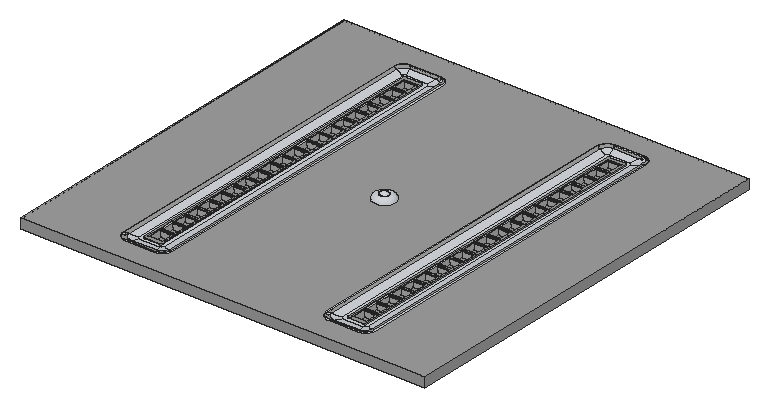
Revit family "0044003 Sylvania Lighting Fixture OptiClip 600 4000K C8 WH SSA WHITE", category Lighting Fixtures, host Face, Revit 2016
Family settings
  Host = Face
  Part Type = Normal
  Round Connector Dimension = Use Diameter
  OmniClass Number = 23.80.70.00
  OmniClass Title = Lighting
  Cut with Voids When Loaded = No
  Light Source = Yes
  Shared = No
  Room Calculation Point = No
Parameters (values of type "0044003 OPTICLIP 600 4K C8 WH SSA WHITE")
  spacer height = 5 mm
  spacer centres = 1000 mm
  height = 14.63 mm
  cut out width = 590 mm
  cut out length = 590 mm
  Width = 595 mm
  Weight = "n/a"
  Wattage Comments = ""
  Wattage = 9.2903 W
  WarrantyStartDate [instance] = "n/a"
  WarrantyGuarantorParts = "n/a"
  WarrantyDurationUnit = "n/a"
  WarrantyDurationParts = ""
  WarrantyDescription = "http://www.sylvania-lighting.com"
  built-in parameter 1150110 = 1 (stored number, unit not read)
  Voltage = 0 V
  URL = "0.95"
  TypeName = "OptiClip 600 4000K C8 WH SSA WHITE"
  Type Image = <None>
  Type Comments = "n/a"
  built-in parameter 1114217 = 1 (stored number, unit not read)
  Tilt Angle = 90.00°
  built-in parameter 1150109 = 1 (stored number, unit not read)
  built-in parameter 1150134 = 3
  built-in parameter 1150113 = 1 (stored number, unit not read)
  SerialNumber [instance] = "n/a"
  Photometric Web File = "0044003.ies"
  Material_3_FEILO = none
  PowerFactor = 0
  PowerConsumption = "Lighting"
  NominalLength = 595 mm
  NominalHeight = 0 mm
  NominalDepth = 0 mm
  Name = "OptiClip 600 4000K C8 WH SSA WHITE"
  ModelReference = Name  # "OptiClip 600 4000K C8 WH SSA WHITE"
  ModelNumber = "0044003"
  Model = Name  # "OptiClip 600 4000K C8 WH SSA WHITE"
  Material = "Feilo Sylvania"
  ManufacturerName = "122 lm/W"
  Manufacturer = ""
  LuminousEfficacy = ""
  built-in parameter 1150105 = 109.82 (stored number, unit not read)
  Lumens = 1380 lm
  LuminaireType = "0"
  built-in parameter 1150115 = 1 (stored number, unit not read)
  LightOutputRatio = "LED"
  built-in parameter 1150137 = (empty or 0)
  built-in parameter 1150139 = (empty or 0)
  Length = 595 mm
  LampsType = Lamp  # "n/a"
  LampNominalLuminous = "4000 K"
  LampMacAdamStep = "80"
  LampColourTemperature = "LED"
  LampColourRenderingIndex = "16500"
  built-in parameter 1150112 = 1 (stored number, unit not read)
  built-in parameter 1150114 = 1 (stored number, unit not read)
  Lamp = "n/a"
  Keynote = "n/a"
  InstallationDate [instance] = "n/a"
  InputVoltage = "0"
  InputNominalFrequency = "4000"
  built-in parameter 1150132 = (empty or 0)
  built-in parameter 1150102 = (empty or 0)
  built-in parameter 1150107 = 3200 (stored number, unit not read)
  built-in parameter 1150138 = (empty or 0)
  IngressProtection = "IfcLightFixtureType"
  ImpactProtectionIndex = "IfcLightFixtureType"
  built-in parameter 1150106 = 1.0982 (stored number, unit not read)
  IfcExportType = "IfcLightFixtureType"
  IfcExportAs = "Class II"
  Height = 50 mm
  ExpectedLife = 50000
  Emit from Circle Diameter = 609.6 mm
  Emit Shape Visible in Rendering = no
  ElectricShockClassification = "122"
  built-in parameter 1150104 = 13.8 (stored number, unit not read)
  DurationUnit = "hours"
  DocumentationLiterature = "http://www.sylvania-lighting.com/product/en-int/products/0044003"
  DimmingControlOptions = "n/a"
  Material_2_FEILO = none
  Dimming Lamp Color Temperature Shift = <None>
  Description = "OPTICLIP 600 4000K C8 WH SSA WHITE is a high efficacy low glare luminaire with replaceable light engines for office and education appalications. Ceiling recessed LED luminaire with white colour plastic optic, direct light distribution, luminaire dimensions: 595x595x52mm, Sylvania White body colour (RAL9016), IP20, IK07, SylSmart Connected Building capable, low LED flicker (+/-5%), Neutral White (4000K) LED Colour Temperature, 3300lm luminous flux, 27W power consumption, 122lm/W system efficacy, CRI>80, SDCM 3 (3-step MacAdam ellipse) LED Colour Consistency, UGR<17, Luminance at 65° < 2000 cd/m2, lumen maintenance: L80B50 at 60000h, photobiological safety risk group 1. Electrical protection Class II. Glow wire test 850°C."
  Default Elevation = 1219.2 mm
  CreatedOn = "24/09/2020"
  CreatedBy = "@sylvania-lighting.com"
  Cost = 0
  Color Filter = 16777215
  built-in parameter 1114216 [instance] = (empty or 0)
  ClassificationValue = "EF_70_80"
  ClassificationName = "Uniclass2015"
  Material_1_FEILO = none
  BarCode [instance] = "n/a"
  built-in parameter 1114218 = 1 (stored number, unit not read)
  built-in parameter 1150133 = 10 (stored number, unit not read)
  AssetType = "Fixed"
  AssetIdentifier [instance] = "n/a"
  Assembly Code = "D5020200"
  Apparent Load = 27 VA
  Material_4_FEILO = none
Reference planes
  plane 1 "Center (Front/Back)": y = 0
  plane 2: z = 0
  plane 3 "Center (Left/Right)": x = 0
  plane 4: z = 0
  plane 5: y = 297.5
  plane 6: y = -297.5
  plane 7: x = -297.5
  plane 8: x = 297.5
  plane 9: x = -295
  plane 10: x = 295
  plane 11: y = 295
  plane 12: y = -295
  plane 13: z = -14.63
  plane 14: y = 296.5
  plane 15: x = -296.5
  plane 16: x = 296.5
  plane 17: y = -296.5
  plane 18: x = -185
  plane 19: x = -113
  plane 20: y = -246.5
  plane 21: x = -184
  plane 22: y = 262
  plane 23: x = -114
  plane 24: y = -262
  plane 25: y = 245.5
  plane 26: y = -245.345
  plane 27: x = -160
  plane 28: x = -138
  plane 29: y = 236.5
  plane 30: y = -236.345
  plane 31: y = 213.35
  plane 32: y = 212.35
  plane 33: y = 190.95
  plane 34: y = 189.95
  plane 35: y = 168.595
  plane 36: y = 167.595
  plane 37: y = 146.15
  plane 38: y = 145.15
  plane 39: y = 123.75
  plane 40: y = 122.75
  plane 41: y = 101.35
  plane 42: y = 100.35
  plane 43: y = 78.95
  plane 44: y = 77.95
  plane 45: y = 56.576
  plane 46: y = 55.576
  plane 47: y = 34.15
  plane 48: y = 33.15
  plane 49: y = 11.75
  plane 50: y = 10.75
  plane 51: y = -10.65
  plane 52: y = -11.65
  plane 53: y = -33.05
  plane 54: y = -34.05
  plane 55: y = -55.45
  plane 56: y = -56.45
  plane 57: y = -77.805
  plane 58: y = -78.805
  plane 59: y = -100.25
  plane 60: y = -101.25
  plane 61: y = -122.65
  plane 62: y = -123.65
  plane 63: y = -145.05
  plane 64: y = -146.05
  plane 65: y = -167.45
  plane 66: y = -168.416
  plane 67: y = -189.816
  plane 68: y = -190.816
  plane 69: y = -212.216
  plane 70: y = -213.216
  plane 71: y = -234.616
  plane 72: x = -159.5
  plane 73: x = -138.539
  plane 74: y = 230.05
  plane 75: y = 218.05
  plane 76: x = -143.039
  plane 77: x = -155
  plane 78: x = -162.5
  plane 79: x = -135.5
  plane 80: y = 240.5
  plane 81: y = -240.345
  plane 82: y = 238
  plane 83: z = 6
  plane 84: x = 8
  plane 85: x = 16
  plane 86: z = 8.5
  plane 87: x = 5
  plane 88: x = 13.5
  plane 89: z = -19.13
  plane 90: x = 8
  plane 91: z = -48.13
Forms (mm)
  Extrusion 1, void, detail levels medium+fine
    sketch origin (4.2, 0, 0) x (0, 1, 0) y (1, 0, 0)
      loop
        line (295, -299.2) -> (295, 290.8) -> (-295, 290.8) -> (-295, -299.2) -> (295, -299.2)
    from 0 to 10
  Extrusion 2, solid, material "Default", detail levels medium+fine
    sketch origin (4.2, 0, 0) x (1, 0, 0) y (0, 1, 0)
      loop
        line (-301.7, 297.5) -> (-301.7, -297.5) -> (293.3, -297.5) -> (293.3, 297.5) -> (-301.7, 297.5)
    from 0 to -14.63
  Extrusion 3, void, detail levels medium+fine
    sketch origin (4.2, 0, 0) x (0, 1, 0) y (1, 0, 0)
      loop
        line (296.5, -300.7) -> (296.5, 292.3) -> (-296.5, 292.3) -> (-296.5, -300.7) -> (296.5, -300.7)
    from 1.008 to 14.63
  Blend 4, solid, detail levels medium+fine
    base sketch origin (4.2, 0, 0) x (1, 0, 0) y (0, 1, 0)
      loop
        line (-189.2, 248) -> (-189.2, -248)
        arc (-189.2, -248) -> (-184.807, -258.607) -> (-174.2, -263) r 15
        line (-174.2, -263) -> (-132.2, -263)
        arc (-132.2, -263) -> (-121.593, -258.607) -> (-117.2, -248) r 15
        line (-117.2, -248) -> (-117.2, 248)
        arc (-117.2, 248) -> (-121.593, 258.607) -> (-132.2, 263) r 15
        line (-132.2, 263) -> (-174.2, 263)
        arc (-174.2, 263) -> (-184.807, 258.607) -> (-189.2, 248) r 15
    top sketch origin (4.2, 0, 0) x (1, 0, 0) y (0, 1, 0)
      loop
        line (-172.7, 242.5) -> (-172.7, -242.5)
        arc (-172.7, -242.5) -> (-171.517, -245.34) -> (-168.667, -246.5) r 4
        line (-168.667, -246.5) -> (-137.633, -246.5)
        arc (-137.633, -246.5) -> (-134.828, -245.324) -> (-133.7, -242.5) r 3.934
        line (-133.7, -242.5) -> (-133.7, 242.5)
        arc (-133.7, 242.5) -> (-134.982, 245.439) -> (-138.008, 246.5) r 4.011
        line (-138.008, 246.5) -> (-168.7, 246.5)
        arc (-168.7, 246.5) -> (-171.528, 245.328) -> (-172.7, 242.5) r 4
    from 0 to -4
  Blend 5, void
    base sketch origin (4.2, 0, 0) x (0, 1, 0) y (-1, 0, 0)
      loop
        line (248, 188.2) -> (-248, 188.2)
        arc (-248, 188.2) -> (-257.899, 184.099) -> (-262, 174.2) r 14
        line (-262, 174.2) -> (-262, 132.2)
        arc (-262, 132.2) -> (-257.899, 122.301) -> (-248, 118.2) r 14
        line (-248, 118.2) -> (248, 118.2)
        arc (248, 118.2) -> (257.899, 122.301) -> (262, 132.2) r 14
        line (262, 132.2) -> (262, 174.2)
        arc (262, 174.2) -> (257.899, 184.099) -> (248, 188.2) r 14
    top sketch origin (4.2, 0, 0) x (0, 1, 0) y (-1, 0, 0)
      loop
        line (242.5, 171.7) -> (-242.5, 171.7)
        arc (-242.5, 171.7) -> (-244.579, 170.8) -> (-245.345, 168.667) r 2.851
        line (-245.345, 168.667) -> (-245.345, 137.633)
        arc (-245.345, 137.633) -> (-244.517, 135.59) -> (-242.5, 134.7) r 2.934
        line (-242.5, 134.7) -> (242.5, 134.7)
        arc (242.5, 134.7) -> (244.733, 135.69) -> (245.5, 138.008) r 3.014
        line (245.5, 138.008) -> (245.5, 168.7)
        arc (245.5, 168.7) -> (244.621, 170.821) -> (242.5, 171.7) r 3
    from 0 to -3.5
  Extrusion 6, solid, material "Aluminum 1100-H18", detail levels medium+fine
    sketch origin (4.2, 0, 0) x (1, 0, 0) y (0, 1, 0)
      loop
        line (-164.2, 236.5) -> (-164.2, -236.345) -> (-142.2, -236.345) -> (-142.2, 236.5) -> (-164.2, 236.5)
    from -4 to -14.63
  Extrusion 7, solid, material "Aluminum 1100-H18", detail levels medium+fine
    sketch origin (4.2, 0, 0) x (1, 0, 0) y (0, 1, 0)
      loop
        line (-166.7, 238) -> (-166.7, -238.071)
        arc (-166.7, -238.071) -> (-165.953, -239.761) -> (-164.2, -240.345) r 2.284
        line (-164.2, -240.345) -> (-142.156, -240.345)
        arc (-142.156, -240.345) -> (-140.483, -239.689) -> (-139.7, -238.071) r 2.464
        line (-139.7, -238.071) -> (-139.7, 238)
        arc (-139.7, 238) -> (-140.432, 239.768) -> (-142.2, 240.5) r 2.5
        line (-142.2, 240.5) -> (-164.2, 240.5)
        arc (-164.2, 240.5) -> (-165.968, 239.768) -> (-166.7, 238) r 2.5
    from -3.5 to -2.5
  Blend 8, void
    base sketch origin (4.2, 0, 0) x (0, 1, 0) y (-1, 0, 0)
      loop
        line (234.75, 163.7) -> (213.35, 163.7) -> (213.35, 142.739) -> (234.75, 142.739) -> (234.75, 163.7)
    top sketch origin (4.2, 0, 0) x (0, 1, 0) y (-1, 0, 0)
      loop
        line (230.05, 159.2) -> (218.05, 159.2) -> (218.05, 147.239) -> (230.05, 147.239) -> (230.05, 159.2)
    from -2.5 to -11
  Blend 9, void
    base sketch origin (4.2, -22.4, 0) x (0, 1, 0) y (-1, 0, 0)
      loop
        line (234.75, 163.7) -> (213.35, 163.7) -> (213.35, 142.739) -> (234.75, 142.739) -> (234.75, 163.7)
    top sketch origin (4.2, -22.4, 0) x (0, 1, 0) y (-1, 0, 0)
      loop
        line (230.05, 159.2) -> (218.05, 159.2) -> (218.05, 147.239) -> (230.05, 147.239) -> (230.05, 159.2)
    from -2.5 to -11
  Blend 10, void
    base sketch origin (4.2, -44.8, 0) x (0, 1, 0) y (-1, 0, 0)
      loop
        line (234.75, 163.7) -> (213.35, 163.7) -> (213.35, 142.739) -> (234.75, 142.739) -> (234.75, 163.7)
    top sketch origin (4.2, -44.8, 0) x (0, 1, 0) y (-1, 0, 0)
      loop
        line (230.05, 159.2) -> (218.05, 159.2) -> (218.05, 147.239) -> (230.05, 147.239) -> (230.05, 159.2)
    from -2.5 to -11
  Blend 11, void
    base sketch origin (4.2, -67.155, 0) x (0, 1, 0) y (-1, 0, 0)
      loop
        line (234.75, 163.7) -> (213.35, 163.7) -> (213.35, 142.739) -> (234.75, 142.739) -> (234.75, 163.7)
    top sketch origin (4.2, -67.155, 0) x (0, 1, 0) y (-1, 0, 0)
      loop
        line (230.05, 159.2) -> (218.05, 159.2) -> (218.05, 147.239) -> (230.05, 147.239) -> (230.05, 159.2)
    from -2.5 to -11
  Blend 12, void
    base sketch origin (4.2, -89.6, 0) x (0, 1, 0) y (-1, 0, 0)
      loop
        line (234.75, 163.7) -> (213.35, 163.7) -> (213.35, 142.739) -> (234.75, 142.739) -> (234.75, 163.7)
    top sketch origin (4.2, -89.6, 0) x (0, 1, 0) y (-1, 0, 0)
      loop
        line (230.05, 159.2) -> (218.05, 159.2) -> (218.05, 147.239) -> (230.05, 147.239) -> (230.05, 159.2)
    from -2.5 to -11
  Blend 13, void
    base sketch origin (4.2, -112, 0) x (0, 1, 0) y (-1, 0, 0)
      loop
        line (234.75, 163.7) -> (213.35, 163.7) -> (213.35, 142.739) -> (234.75, 142.739) -> (234.75, 163.7)
    top sketch origin (4.2, -112, 0) x (0, 1, 0) y (-1, 0, 0)
      loop
        line (230.05, 159.2) -> (218.05, 159.2) -> (218.05, 147.239) -> (230.05, 147.239) -> (230.05, 159.2)
    from -2.5 to -11
  Blend 14, void
    base sketch origin (4.2, -134.4, 0) x (0, 1, 0) y (-1, 0, 0)
      loop
        line (234.75, 163.7) -> (213.35, 163.7) -> (213.35, 142.739) -> (234.75, 142.739) -> (234.75, 163.7)
    top sketch origin (4.2, -134.4, 0) x (0, 1, 0) y (-1, 0, 0)
      loop
        line (230.05, 159.2) -> (218.05, 159.2) -> (218.05, 147.239) -> (230.05, 147.239) -> (230.05, 159.2)
    from -2.5 to -11
  Blend 15, void
    base sketch origin (4.2, -156.8, 0) x (0, 1, 0) y (-1, 0, 0)
      loop
        line (234.75, 163.7) -> (213.35, 163.7) -> (213.35, 142.739) -> (234.75, 142.739) -> (234.75, 163.7)
    top sketch origin (4.2, -156.8, 0) x (0, 1, 0) y (-1, 0, 0)
      loop
        line (230.05, 159.2) -> (218.05, 159.2) -> (218.05, 147.239) -> (230.05, 147.239) -> (230.05, 159.2)
    from -2.5 to -11
  Blend 16, void
    base sketch origin (4.2, -179.174, 0) x (0, 1, 0) y (-1, 0, 0)
      loop
        line (234.75, 163.7) -> (213.35, 163.7) -> (213.35, 142.739) -> (234.75, 142.739) -> (234.75, 163.7)
    top sketch origin (4.2, -179.174, 0) x (0, 1, 0) y (-1, 0, 0)
      loop
        line (230.05, 159.2) -> (218.05, 159.2) -> (218.05, 147.239) -> (230.05, 147.239) -> (230.05, 159.2)
    from -2.5 to -11
  Blend 17, void
    base sketch origin (4.2, -201.6, 0) x (0, 1, 0) y (-1, 0, 0)
      loop
        line (234.75, 163.7) -> (213.35, 163.7) -> (213.35, 142.739) -> (234.75, 142.739) -> (234.75, 163.7)
    top sketch origin (4.2, -201.6, 0) x (0, 1, 0) y (-1, 0, 0)
      loop
        line (230.05, 159.2) -> (218.05, 159.2) -> (218.05, 147.239) -> (230.05, 147.239) -> (230.05, 159.2)
    from -2.5 to -11
  Blend 18, void
    base sketch origin (4.2, -224, 0) x (0, 1, 0) y (-1, 0, 0)
      loop
        line (234.75, 163.7) -> (213.35, 163.7) -> (213.35, 142.739) -> (234.75, 142.739) -> (234.75, 163.7)
    top sketch origin (4.2, -224, 0) x (0, 1, 0) y (-1, 0, 0)
      loop
        line (230.05, 159.2) -> (218.05, 159.2) -> (218.05, 147.239) -> (230.05, 147.239) -> (230.05, 159.2)
    from -2.5 to -11
  Blend 19, void
    base sketch origin (4.2, -246.4, 0) x (0, 1, 0) y (-1, 0, 0)
      loop
        line (234.75, 163.7) -> (213.35, 163.7) -> (213.35, 142.739) -> (234.75, 142.739) -> (234.75, 163.7)
    top sketch origin (4.2, -246.4, 0) x (0, 1, 0) y (-1, 0, 0)
      loop
        line (230.05, 159.2) -> (218.05, 159.2) -> (218.05, 147.239) -> (230.05, 147.239) -> (230.05, 159.2)
    from -2.5 to -11
  Blend 20, void
    base sketch origin (4.2, -268.8, 0) x (0, 1, 0) y (-1, 0, 0)
      loop
        line (234.75, 163.7) -> (213.35, 163.7) -> (213.35, 142.739) -> (234.75, 142.739) -> (234.75, 163.7)
    top sketch origin (4.2, -268.8, 0) x (0, 1, 0) y (-1, 0, 0)
      loop
        line (230.05, 159.2) -> (218.05, 159.2) -> (218.05, 147.239) -> (230.05, 147.239) -> (230.05, 159.2)
    from -2.5 to -11
  Blend 21, void
    base sketch origin (4.2, -291.2, 0) x (0, 1, 0) y (-1, 0, 0)
      loop
        line (234.75, 163.7) -> (213.35, 163.7) -> (213.35, 142.739) -> (234.75, 142.739) -> (234.75, 163.7)
    top sketch origin (4.2, -291.2, 0) x (0, 1, 0) y (-1, 0, 0)
      loop
        line (230.05, 159.2) -> (218.05, 159.2) -> (218.05, 147.239) -> (230.05, 147.239) -> (230.05, 159.2)
    from -2.5 to -11
  Blend 22, void
    base sketch origin (4.2, -313.555, 0) x (0, 1, 0) y (-1, 0, 0)
      loop
        line (234.75, 163.7) -> (213.35, 163.7) -> (213.35, 142.739) -> (234.75, 142.739) -> (234.75, 163.7)
    top sketch origin (4.2, -313.555, 0) x (0, 1, 0) y (-1, 0, 0)
      loop
        line (230.05, 159.2) -> (218.05, 159.2) -> (218.05, 147.239) -> (230.05, 147.239) -> (230.05, 159.2)
    from -2.5 to -11
  Blend 23, void
    base sketch origin (4.2, -336, 0) x (0, 1, 0) y (-1, 0, 0)
      loop
        line (234.75, 163.7) -> (213.35, 163.7) -> (213.35, 142.739) -> (234.75, 142.739) -> (234.75, 163.7)
    top sketch origin (4.2, -336, 0) x (0, 1, 0) y (-1, 0, 0)
      loop
        line (230.05, 159.2) -> (218.05, 159.2) -> (218.05, 147.239) -> (230.05, 147.239) -> (230.05, 159.2)
    from -2.5 to -11
  Blend 24, void
    base sketch origin (4.2, -358.4, 0) x (0, 1, 0) y (-1, 0, 0)
      loop
        line (234.75, 163.7) -> (213.35, 163.7) -> (213.35, 142.739) -> (234.75, 142.739) -> (234.75, 163.7)
    top sketch origin (4.2, -358.4, 0) x (0, 1, 0) y (-1, 0, 0)
      loop
        line (230.05, 159.2) -> (218.05, 159.2) -> (218.05, 147.239) -> (230.05, 147.239) -> (230.05, 159.2)
    from -2.5 to -11
  Blend 25, void
    base sketch origin (4.2, -380.8, 0) x (0, 1, 0) y (-1, 0, 0)
      loop
        line (234.75, 163.7) -> (213.35, 163.7) -> (213.35, 142.739) -> (234.75, 142.739) -> (234.75, 163.7)
    top sketch origin (4.2, -380.8, 0) x (0, 1, 0) y (-1, 0, 0)
      loop
        line (230.05, 159.2) -> (218.05, 159.2) -> (218.05, 147.239) -> (230.05, 147.239) -> (230.05, 159.2)
    from -2.5 to -11
  Extrusion 26, solid, material "Glass, White, High Luminance", detail levels fine
    sketch origin (4.2, 0, 0) x (1, 0, 0) y (0, 1, 0)
      loop
        line (-159.2, 230.05) -> (-159.2, 218.05) -> (-147.239, 218.05) -> (-147.239, 230.05) -> (-159.2, 230.05)
    from -11 to -10
  Extrusion 27, solid, material "Glass, White, High Luminance", detail levels fine
    sketch origin (4.2, -22.4, 0) x (1, 0, 0) y (0, 1, 0)
      loop
        line (-159.2, 230.05) -> (-159.2, 218.05) -> (-147.239, 218.05) -> (-147.239, 230.05) -> (-159.2, 230.05)
    from -11 to -10
  Extrusion 28, solid, material "Glass, White, High Luminance", detail levels fine
    sketch origin (4.2, -44.8, 0) x (1, 0, 0) y (0, 1, 0)
      loop
        line (-159.2, 230.05) -> (-159.2, 218.05) -> (-147.239, 218.05) -> (-147.239, 230.05) -> (-159.2, 230.05)
    from -11 to -10
  Extrusion 29, solid, material "Glass, White, High Luminance", detail levels fine
    sketch origin (4.2, -67.155, 0) x (1, 0, 0) y (0, 1, 0)
      loop
        line (-159.2, 230.05) -> (-159.2, 218.05) -> (-147.239, 218.05) -> (-147.239, 230.05) -> (-159.2, 230.05)
    from -11 to -10
  Extrusion 30, solid, material "Glass, White, High Luminance", detail levels fine
    sketch origin (4.2, -89.6, 0) x (1, 0, 0) y (0, 1, 0)
      loop
        line (-159.2, 230.05) -> (-159.2, 218.05) -> (-147.239, 218.05) -> (-147.239, 230.05) -> (-159.2, 230.05)
    from -11 to -10
  Extrusion 31, solid, material "Glass, White, High Luminance", detail levels fine
    sketch origin (4.2, -112, 0) x (1, 0, 0) y (0, 1, 0)
      loop
        line (-159.2, 230.05) -> (-159.2, 218.05) -> (-147.239, 218.05) -> (-147.239, 230.05) -> (-159.2, 230.05)
    from -11 to -10
  Extrusion 32, solid, material "Glass, White, High Luminance", detail levels fine
    sketch origin (4.2, -134.4, 0) x (1, 0, 0) y (0, 1, 0)
      loop
        line (-159.2, 230.05) -> (-159.2, 218.05) -> (-147.239, 218.05) -> (-147.239, 230.05) -> (-159.2, 230.05)
    from -11 to -10
  Extrusion 33, solid, material "Glass, White, High Luminance", detail levels fine
    sketch origin (4.2, -156.8, 0) x (1, 0, 0) y (0, 1, 0)
      loop
        line (-159.2, 230.05) -> (-159.2, 218.05) -> (-147.239, 218.05) -> (-147.239, 230.05) -> (-159.2, 230.05)
    from -11 to -10
  Extrusion 34, solid, material "Glass, White, High Luminance", detail levels fine
    sketch origin (4.2, -179.174, 0) x (1, 0, 0) y (0, 1, 0)
      loop
        line (-159.2, 230.05) -> (-159.2, 218.05) -> (-147.239, 218.05) -> (-147.239, 230.05) -> (-159.2, 230.05)
    from -11 to -10
  Extrusion 35, solid, material "Glass, White, High Luminance", detail levels fine
    sketch origin (4.2, -201.6, 0) x (1, 0, 0) y (0, 1, 0)
      loop
        line (-159.2, 230.05) -> (-159.2, 218.05) -> (-147.239, 218.05) -> (-147.239, 230.05) -> (-159.2, 230.05)
    from -11 to -10
  Extrusion 36, solid, material "Glass, White, High Luminance", detail levels fine
    sketch origin (4.2, -224, 0) x (1, 0, 0) y (0, 1, 0)
      loop
        line (-159.2, 230.05) -> (-159.2, 218.05) -> (-147.239, 218.05) -> (-147.239, 230.05) -> (-159.2, 230.05)
    from -11 to -10
  Extrusion 37, solid, material "Glass, White, High Luminance", detail levels fine
    sketch origin (4.2, -246.4, 0) x (1, 0, 0) y (0, 1, 0)
      loop
        line (-159.2, 230.05) -> (-159.2, 218.05) -> (-147.239, 218.05) -> (-147.239, 230.05) -> (-159.2, 230.05)
    from -11 to -10
  Extrusion 38, solid, material "Glass, White, High Luminance", detail levels fine
    sketch origin (4.2, -268.8, 0) x (1, 0, 0) y (0, 1, 0)
      loop
        line (-159.2, 230.05) -> (-159.2, 218.05) -> (-147.239, 218.05) -> (-147.239, 230.05) -> (-159.2, 230.05)
    from -11 to -10
  Extrusion 39, solid, material "Glass, White, High Luminance", detail levels fine
    sketch origin (4.2, -291.2, 0) x (1, 0, 0) y (0, 1, 0)
      loop
        line (-159.2, 230.05) -> (-159.2, 218.05) -> (-147.239, 218.05) -> (-147.239, 230.05) -> (-159.2, 230.05)
    from -11 to -10
  Extrusion 40, solid, material "Glass, White, High Luminance", detail levels fine
    sketch origin (4.2, -313.555, 0) x (1, 0, 0) y (0, 1, 0)
      loop
        line (-159.2, 230.05) -> (-159.2, 218.05) -> (-147.239, 218.05) -> (-147.239, 230.05) -> (-159.2, 230.05)
    from -11 to -10
  Extrusion 41, solid, material "Glass, White, High Luminance", detail levels fine
    sketch origin (4.2, -336, 0) x (1, 0, 0) y (0, 1, 0)
      loop
        line (-159.2, 230.05) -> (-159.2, 218.05) -> (-147.239, 218.05) -> (-147.239, 230.05) -> (-159.2, 230.05)
    from -11 to -10
  Extrusion 42, solid, material "Glass, White, High Luminance", detail levels fine
    sketch origin (4.2, -358.4, 0) x (1, 0, 0) y (0, 1, 0)
      loop
        line (-159.2, 230.05) -> (-159.2, 218.05) -> (-147.239, 218.05) -> (-147.239, 230.05) -> (-159.2, 230.05)
    from -11 to -10
  Extrusion 43, solid, material "Glass, White, High Luminance", detail levels fine
    sketch origin (4.2, -380.8, 0) x (1, 0, 0) y (0, 1, 0)
      loop
        line (-159.2, 230.05) -> (-159.2, 218.05) -> (-147.239, 218.05) -> (-147.239, 230.05) -> (-159.2, 230.05)
    from -11 to -10
  Extrusion 44, solid, material "Glass, White, High Luminance", detail levels fine
    sketch origin (3.419, -403.166, 0) x (1, 0, 0) y (0, 1, 0)
      loop
        line (-158.419, 230.05) -> (-158.419, 218.05) -> (-146.458, 218.05) -> (-146.458, 230.05) -> (-158.419, 230.05)
    from -11 to -10
  Extrusion 45, solid, material "Glass, White, High Luminance", detail levels fine
    sketch origin (3.419, -425.566, 0) x (1, 0, 0) y (0, 1, 0)
      loop
        line (-158.419, 230.05) -> (-158.419, 218.05) -> (-146.458, 218.05) -> (-146.458, 230.05) -> (-158.419, 230.05)
    from -11 to -10
  Extrusion 46, solid, material "Glass, White, High Luminance", detail levels fine
    sketch origin (3.419, -447.966, 0) x (1, 0, 0) y (0, 1, 0)
      loop
        line (-158.419, 230.05) -> (-158.419, 218.05) -> (-146.458, 218.05) -> (-146.458, 230.05) -> (-158.419, 230.05)
    from -11 to -10
  Blend 47, solid, detail levels medium+fine
    base sketch origin (303.2, 0, 0) x (1, 0, 0) y (0, 1, 0)
      loop
        line (-189.2, 248) -> (-189.2, -248)
        arc (-189.2, -248) -> (-184.807, -258.607) -> (-174.2, -263) r 15
        line (-174.2, -263) -> (-132.2, -263)
        arc (-132.2, -263) -> (-121.593, -258.607) -> (-117.2, -248) r 15
        line (-117.2, -248) -> (-117.2, 248)
        arc (-117.2, 248) -> (-121.593, 258.607) -> (-132.2, 263) r 15
        line (-132.2, 263) -> (-174.2, 263)
        arc (-174.2, 263) -> (-184.807, 258.607) -> (-189.2, 248) r 15
    top sketch origin (303.2, 0, 0) x (1, 0, 0) y (0, 1, 0)
      loop
        line (-172.7, 242.5) -> (-172.7, -242.5)
        arc (-172.7, -242.5) -> (-171.517, -245.34) -> (-168.667, -246.5) r 4
        line (-168.667, -246.5) -> (-137.633, -246.5)
        arc (-137.633, -246.5) -> (-134.828, -245.324) -> (-133.7, -242.5) r 3.934
        line (-133.7, -242.5) -> (-133.7, 242.5)
        arc (-133.7, 242.5) -> (-134.982, 245.439) -> (-138.008, 246.5) r 4.011
        line (-138.008, 246.5) -> (-168.7, 246.5)
        arc (-168.7, 246.5) -> (-171.528, 245.328) -> (-172.7, 242.5) r 4
    from 0 to -4
  Blend 48, void
    base sketch origin (303.2, 0, 0) x (0, 1, 0) y (-1, 0, 0)
      loop
        line (248, 188.2) -> (-248, 188.2)
        arc (-248, 188.2) -> (-257.899, 184.099) -> (-262, 174.2) r 14
        line (-262, 174.2) -> (-262, 132.2)
        arc (-262, 132.2) -> (-257.899, 122.301) -> (-248, 118.2) r 14
        line (-248, 118.2) -> (248, 118.2)
        arc (248, 118.2) -> (257.899, 122.301) -> (262, 132.2) r 14
        line (262, 132.2) -> (262, 174.2)
        arc (262, 174.2) -> (257.899, 184.099) -> (248, 188.2) r 14
    top sketch origin (303.2, 0, 0) x (0, 1, 0) y (-1, 0, 0)
      loop
        line (242.5, 171.7) -> (-242.5, 171.7)
        arc (-242.5, 171.7) -> (-244.579, 170.8) -> (-245.345, 168.667) r 2.851
        line (-245.345, 168.667) -> (-245.345, 137.633)
        arc (-245.345, 137.633) -> (-244.517, 135.59) -> (-242.5, 134.7) r 2.934
        line (-242.5, 134.7) -> (242.5, 134.7)
        arc (242.5, 134.7) -> (244.733, 135.69) -> (245.5, 138.008) r 3.014
        line (245.5, 138.008) -> (245.5, 168.7)
        arc (245.5, 168.7) -> (244.621, 170.821) -> (242.5, 171.7) r 3
    from 0 to -3.5
  Extrusion 49, solid, material "Aluminum 1100-H18", detail levels medium+fine
    sketch origin (304.2, 0, 0) x (1, 0, 0) y (0, 1, 0)
      loop
        line (-164.2, 236.5) -> (-164.2, -236.345) -> (-142.2, -236.345) -> (-142.2, 236.5) -> (-164.2, 236.5)
    from -4 to -14.63
  Blend 50, void
    base sketch origin (4.2, -403.166, 0) x (0, 1, 0) y (-1, 0, 0)
      loop
        line (234.75, 163.7) -> (213.35, 163.7) -> (213.35, 142.739) -> (234.75, 142.739) -> (234.75, 163.7)
    top sketch origin (4.2, -403.166, 0) x (0, 1, 0) y (-1, 0, 0)
      loop
        line (230.05, 159.2) -> (218.05, 159.2) -> (218.05, 147.239) -> (230.05, 147.239) -> (230.05, 159.2)
    from -2.5 to -11
  Blend 51, void
    base sketch origin (4.2, -425.566, 0) x (0, 1, 0) y (-1, 0, 0)
      loop
        line (234.75, 163.7) -> (213.35, 163.7) -> (213.35, 142.739) -> (234.75, 142.739) -> (234.75, 163.7)
    top sketch origin (4.2, -425.566, 0) x (0, 1, 0) y (-1, 0, 0)
      loop
        line (230.05, 159.2) -> (218.05, 159.2) -> (218.05, 147.239) -> (230.05, 147.239) -> (230.05, 159.2)
    from -2.5 to -11
  Blend 52, void
    base sketch origin (4.2, -447.966, 0) x (0, 1, 0) y (-1, 0, 0)
      loop
        line (234.75, 163.7) -> (213.35, 163.7) -> (213.35, 142.739) -> (234.75, 142.739) -> (234.75, 163.7)
    top sketch origin (4.2, -447.966, 0) x (0, 1, 0) y (-1, 0, 0)
      loop
        line (230.05, 159.2) -> (218.05, 159.2) -> (218.05, 147.239) -> (230.05, 147.239) -> (230.05, 159.2)
    from -2.5 to -11
  Extrusion 53, solid, material "Aluminum 1100-H18", detail levels medium+fine
    sketch origin (304.2, 0, 0) x (1, 0, 0) y (0, 1, 0)
      loop
        line (-166.7, 238) -> (-166.7, -238.071)
        arc (-166.7, -238.071) -> (-165.953, -239.761) -> (-164.2, -240.345) r 2.284
        line (-164.2, -240.345) -> (-142.156, -240.345)
        arc (-142.156, -240.345) -> (-140.483, -239.689) -> (-139.7, -238.071) r 2.464
        line (-139.7, -238.071) -> (-139.7, 238)
        arc (-139.7, 238) -> (-140.432, 239.768) -> (-142.2, 240.5) r 2.5
        line (-142.2, 240.5) -> (-164.2, 240.5)
        arc (-164.2, 240.5) -> (-165.968, 239.768) -> (-166.7, 238) r 2.5
    from -3.5 to -2.5
  Blend 54, void
    base sketch origin (304.2, 0, 0) x (0, 1, 0) y (-1, 0, 0)
      loop
        line (234.75, 163.7) -> (213.35, 163.7) -> (213.35, 142.739) -> (234.75, 142.739) -> (234.75, 163.7)
    top sketch origin (304.2, 0, 0) x (0, 1, 0) y (-1, 0, 0)
      loop
        line (230.05, 159.2) -> (218.05, 159.2) -> (218.05, 147.239) -> (230.05, 147.239) -> (230.05, 159.2)
    from -2.5 to -11
  Blend 55, void
    base sketch origin (304.2, -22.4, 0) x (0, 1, 0) y (-1, 0, 0)
      loop
        line (234.75, 163.7) -> (213.35, 163.7) -> (213.35, 142.739) -> (234.75, 142.739) -> (234.75, 163.7)
    top sketch origin (304.2, -22.4, 0) x (0, 1, 0) y (-1, 0, 0)
      loop
        line (230.05, 159.2) -> (218.05, 159.2) -> (218.05, 147.239) -> (230.05, 147.239) -> (230.05, 159.2)
    from -2.5 to -11
  Blend 56, void
    base sketch origin (304.2, -44.8, 0) x (0, 1, 0) y (-1, 0, 0)
      loop
        line (234.75, 163.7) -> (213.35, 163.7) -> (213.35, 142.739) -> (234.75, 142.739) -> (234.75, 163.7)
    top sketch origin (304.2, -44.8, 0) x (0, 1, 0) y (-1, 0, 0)
      loop
        line (230.05, 159.2) -> (218.05, 159.2) -> (218.05, 147.239) -> (230.05, 147.239) -> (230.05, 159.2)
    from -2.5 to -11
  Blend 57, void
    base sketch origin (304.2, -67.155, 0) x (0, 1, 0) y (-1, 0, 0)
      loop
        line (234.75, 163.7) -> (213.35, 163.7) -> (213.35, 142.739) -> (234.75, 142.739) -> (234.75, 163.7)
    top sketch origin (304.2, -67.155, 0) x (0, 1, 0) y (-1, 0, 0)
      loop
        line (230.05, 159.2) -> (218.05, 159.2) -> (218.05, 147.239) -> (230.05, 147.239) -> (230.05, 159.2)
    from -2.5 to -11
  Blend 58, void
    base sketch origin (304.2, -89.6, 0) x (0, 1, 0) y (-1, 0, 0)
      loop
        line (234.75, 163.7) -> (213.35, 163.7) -> (213.35, 142.739) -> (234.75, 142.739) -> (234.75, 163.7)
    top sketch origin (304.2, -89.6, 0) x (0, 1, 0) y (-1, 0, 0)
      loop
        line (230.05, 159.2) -> (218.05, 159.2) -> (218.05, 147.239) -> (230.05, 147.239) -> (230.05, 159.2)
    from -2.5 to -11
  Blend 59, void
    base sketch origin (304.2, -112, 0) x (0, 1, 0) y (-1, 0, 0)
      loop
        line (234.75, 163.7) -> (213.35, 163.7) -> (213.35, 142.739) -> (234.75, 142.739) -> (234.75, 163.7)
    top sketch origin (304.2, -112, 0) x (0, 1, 0) y (-1, 0, 0)
      loop
        line (230.05, 159.2) -> (218.05, 159.2) -> (218.05, 147.239) -> (230.05, 147.239) -> (230.05, 159.2)
    from -2.5 to -11
  Blend 60, void
    base sketch origin (304.2, -134.4, 0) x (0, 1, 0) y (-1, 0, 0)
      loop
        line (234.75, 163.7) -> (213.35, 163.7) -> (213.35, 142.739) -> (234.75, 142.739) -> (234.75, 163.7)
    top sketch origin (304.2, -134.4, 0) x (0, 1, 0) y (-1, 0, 0)
      loop
        line (230.05, 159.2) -> (218.05, 159.2) -> (218.05, 147.239) -> (230.05, 147.239) -> (230.05, 159.2)
    from -2.5 to -11
  Blend 61, void
    base sketch origin (304.2, -156.8, 0) x (0, 1, 0) y (-1, 0, 0)
      loop
        line (234.75, 163.7) -> (213.35, 163.7) -> (213.35, 142.739) -> (234.75, 142.739) -> (234.75, 163.7)
    top sketch origin (304.2, -156.8, 0) x (0, 1, 0) y (-1, 0, 0)
      loop
        line (230.05, 159.2) -> (218.05, 159.2) -> (218.05, 147.239) -> (230.05, 147.239) -> (230.05, 159.2)
    from -2.5 to -11
  Blend 62, void
    base sketch origin (304.2, -179.174, 0) x (0, 1, 0) y (-1, 0, 0)
      loop
        line (234.75, 163.7) -> (213.35, 163.7) -> (213.35, 142.739) -> (234.75, 142.739) -> (234.75, 163.7)
    top sketch origin (304.2, -179.174, 0) x (0, 1, 0) y (-1, 0, 0)
      loop
        line (230.05, 159.2) -> (218.05, 159.2) -> (218.05, 147.239) -> (230.05, 147.239) -> (230.05, 159.2)
    from -2.5 to -11
  Blend 63, void
    base sketch origin (304.2, -201.6, 0) x (0, 1, 0) y (-1, 0, 0)
      loop
        line (234.75, 163.7) -> (213.35, 163.7) -> (213.35, 142.739) -> (234.75, 142.739) -> (234.75, 163.7)
    top sketch origin (304.2, -201.6, 0) x (0, 1, 0) y (-1, 0, 0)
      loop
        line (230.05, 159.2) -> (218.05, 159.2) -> (218.05, 147.239) -> (230.05, 147.239) -> (230.05, 159.2)
    from -2.5 to -11
  Blend 64, void
    base sketch origin (304.2, -224, 0) x (0, 1, 0) y (-1, 0, 0)
      loop
        line (234.75, 163.7) -> (213.35, 163.7) -> (213.35, 142.739) -> (234.75, 142.739) -> (234.75, 163.7)
    top sketch origin (304.2, -224, 0) x (0, 1, 0) y (-1, 0, 0)
      loop
        line (230.05, 159.2) -> (218.05, 159.2) -> (218.05, 147.239) -> (230.05, 147.239) -> (230.05, 159.2)
    from -2.5 to -11
  Blend 65, void
    base sketch origin (304.2, -246.4, 0) x (0, 1, 0) y (-1, 0, 0)
      loop
        line (234.75, 163.7) -> (213.35, 163.7) -> (213.35, 142.739) -> (234.75, 142.739) -> (234.75, 163.7)
    top sketch origin (304.2, -246.4, 0) x (0, 1, 0) y (-1, 0, 0)
      loop
        line (230.05, 159.2) -> (218.05, 159.2) -> (218.05, 147.239) -> (230.05, 147.239) -> (230.05, 159.2)
    from -2.5 to -11
  Blend 66, void
    base sketch origin (304.2, -268.8, 0) x (0, 1, 0) y (-1, 0, 0)
      loop
        line (234.75, 163.7) -> (213.35, 163.7) -> (213.35, 142.739) -> (234.75, 142.739) -> (234.75, 163.7)
    top sketch origin (304.2, -268.8, 0) x (0, 1, 0) y (-1, 0, 0)
      loop
        line (230.05, 159.2) -> (218.05, 159.2) -> (218.05, 147.239) -> (230.05, 147.239) -> (230.05, 159.2)
    from -2.5 to -11
  Blend 67, void
    base sketch origin (304.2, -291.2, 0) x (0, 1, 0) y (-1, 0, 0)
      loop
        line (234.75, 163.7) -> (213.35, 163.7) -> (213.35, 142.739) -> (234.75, 142.739) -> (234.75, 163.7)
    top sketch origin (304.2, -291.2, 0) x (0, 1, 0) y (-1, 0, 0)
      loop
        line (230.05, 159.2) -> (218.05, 159.2) -> (218.05, 147.239) -> (230.05, 147.239) -> (230.05, 159.2)
    from -2.5 to -11
  Blend 68, void
    base sketch origin (304.2, -313.555, 0) x (0, 1, 0) y (-1, 0, 0)
      loop
        line (234.75, 163.7) -> (213.35, 163.7) -> (213.35, 142.739) -> (234.75, 142.739) -> (234.75, 163.7)
    top sketch origin (304.2, -313.555, 0) x (0, 1, 0) y (-1, 0, 0)
      loop
        line (230.05, 159.2) -> (218.05, 159.2) -> (218.05, 147.239) -> (230.05, 147.239) -> (230.05, 159.2)
    from -2.5 to -11
  Blend 69, void
    base sketch origin (304.2, -336, 0) x (0, 1, 0) y (-1, 0, 0)
      loop
        line (234.75, 163.7) -> (213.35, 163.7) -> (213.35, 142.739) -> (234.75, 142.739) -> (234.75, 163.7)
    top sketch origin (304.2, -336, 0) x (0, 1, 0) y (-1, 0, 0)
      loop
        line (230.05, 159.2) -> (218.05, 159.2) -> (218.05, 147.239) -> (230.05, 147.239) -> (230.05, 159.2)
    from -2.5 to -11
  Blend 70, void
    base sketch origin (304.2, -358.4, 0) x (0, 1, 0) y (-1, 0, 0)
      loop
        line (234.75, 163.7) -> (213.35, 163.7) -> (213.35, 142.739) -> (234.75, 142.739) -> (234.75, 163.7)
    top sketch origin (304.2, -358.4, 0) x (0, 1, 0) y (-1, 0, 0)
      loop
        line (230.05, 159.2) -> (218.05, 159.2) -> (218.05, 147.239) -> (230.05, 147.239) -> (230.05, 159.2)
    from -2.5 to -11
  Blend 71, void
    base sketch origin (304.2, -380.8, 0) x (0, 1, 0) y (-1, 0, 0)
      loop
        line (234.75, 163.7) -> (213.35, 163.7) -> (213.35, 142.739) -> (234.75, 142.739) -> (234.75, 163.7)
    top sketch origin (304.2, -380.8, 0) x (0, 1, 0) y (-1, 0, 0)
      loop
        line (230.05, 159.2) -> (218.05, 159.2) -> (218.05, 147.239) -> (230.05, 147.239) -> (230.05, 159.2)
    from -2.5 to -11
  Blend 72, void
    base sketch origin (304.2, -403.166, 0) x (0, 1, 0) y (-1, 0, 0)
      loop
        line (234.75, 163.7) -> (213.35, 163.7) -> (213.35, 142.739) -> (234.75, 142.739) -> (234.75, 163.7)
    top sketch origin (304.2, -403.166, 0) x (0, 1, 0) y (-1, 0, 0)
      loop
        line (230.05, 159.2) -> (218.05, 159.2) -> (218.05, 147.239) -> (230.05, 147.239) -> (230.05, 159.2)
    from -2.5 to -11
  Blend 73, void
    base sketch origin (304.2, -425.566, 0) x (0, 1, 0) y (-1, 0, 0)
      loop
        line (234.75, 163.7) -> (213.35, 163.7) -> (213.35, 142.739) -> (234.75, 142.739) -> (234.75, 163.7)
    top sketch origin (304.2, -425.566, 0) x (0, 1, 0) y (-1, 0, 0)
      loop
        line (230.05, 159.2) -> (218.05, 159.2) -> (218.05, 147.239) -> (230.05, 147.239) -> (230.05, 159.2)
    from -2.5 to -11
  Blend 74, void
    base sketch origin (304.2, -447.966, 0) x (0, 1, 0) y (-1, 0, 0)
      loop
        line (234.75, 163.7) -> (213.35, 163.7) -> (213.35, 142.739) -> (234.75, 142.739) -> (234.75, 163.7)
    top sketch origin (304.2, -447.966, 0) x (0, 1, 0) y (-1, 0, 0)
      loop
        line (230.05, 159.2) -> (218.05, 159.2) -> (218.05, 147.239) -> (230.05, 147.239) -> (230.05, 159.2)
    from -2.5 to -11
  Extrusion 75, solid, material "Glass, White, High Luminance", detail levels fine
    sketch origin (304.2, 0, 0) x (1, 0, 0) y (0, 1, 0)
      loop
        line (-159.2, 230.05) -> (-159.2, 218.05) -> (-147.239, 218.05) -> (-147.239, 230.05) -> (-159.2, 230.05)
    from -11 to -10
  Extrusion 76, solid, material "Glass, White, High Luminance", detail levels fine
    sketch origin (304.2, -22.4, 0) x (1, 0, 0) y (0, 1, 0)
      loop
        line (-159.2, 230.05) -> (-159.2, 218.05) -> (-147.239, 218.05) -> (-147.239, 230.05) -> (-159.2, 230.05)
    from -11 to -10
  Extrusion 77, solid, material "Glass, White, High Luminance", detail levels fine
    sketch origin (304.2, -44.8, 0) x (1, 0, 0) y (0, 1, 0)
      loop
        line (-159.2, 230.05) -> (-159.2, 218.05) -> (-147.239, 218.05) -> (-147.239, 230.05) -> (-159.2, 230.05)
    from -11 to -10
  Extrusion 78, solid, material "Glass, White, High Luminance", detail levels fine
    sketch origin (304.2, -67.155, 0) x (1, 0, 0) y (0, 1, 0)
      loop
        line (-159.2, 230.05) -> (-159.2, 218.05) -> (-147.239, 218.05) -> (-147.239, 230.05) -> (-159.2, 230.05)
    from -11 to -10
  Extrusion 79, solid, material "Glass, White, High Luminance", detail levels fine
    sketch origin (304.2, -89.6, 0) x (1, 0, 0) y (0, 1, 0)
      loop
        line (-159.2, 230.05) -> (-159.2, 218.05) -> (-147.239, 218.05) -> (-147.239, 230.05) -> (-159.2, 230.05)
    from -11 to -10
  Extrusion 80, solid, material "Glass, White, High Luminance", detail levels fine
    sketch origin (304.2, -112, 0) x (1, 0, 0) y (0, 1, 0)
      loop
        line (-159.2, 230.05) -> (-159.2, 218.05) -> (-147.239, 218.05) -> (-147.239, 230.05) -> (-159.2, 230.05)
    from -11 to -10
  Extrusion 81, solid, material "Glass, White, High Luminance", detail levels fine
    sketch origin (304.2, -134.4, 0) x (1, 0, 0) y (0, 1, 0)
      loop
        line (-159.2, 230.05) -> (-159.2, 218.05) -> (-147.239, 218.05) -> (-147.239, 230.05) -> (-159.2, 230.05)
    from -11 to -10
  Extrusion 82, solid, material "Glass, White, High Luminance", detail levels fine
    sketch origin (304.2, -156.8, 0) x (1, 0, 0) y (0, 1, 0)
      loop
        line (-159.2, 230.05) -> (-159.2, 218.05) -> (-147.239, 218.05) -> (-147.239, 230.05) -> (-159.2, 230.05)
    from -11 to -10
  Extrusion 83, solid, material "Glass, White, High Luminance", detail levels fine
    sketch origin (304.2, -179.174, 0) x (1, 0, 0) y (0, 1, 0)
      loop
        line (-159.2, 230.05) -> (-159.2, 218.05) -> (-147.239, 218.05) -> (-147.239, 230.05) -> (-159.2, 230.05)
    from -11 to -10
  Extrusion 84, solid, material "Glass, White, High Luminance", detail levels fine
    sketch origin (304.2, -201.6, 0) x (1, 0, 0) y (0, 1, 0)
      loop
        line (-159.2, 230.05) -> (-159.2, 218.05) -> (-147.239, 218.05) -> (-147.239, 230.05) -> (-159.2, 230.05)
    from -11 to -10
  Extrusion 85, solid, material "Glass, White, High Luminance", detail levels fine
    sketch origin (304.2, -224, 0) x (1, 0, 0) y (0, 1, 0)
      loop
        line (-159.2, 230.05) -> (-159.2, 218.05) -> (-147.239, 218.05) -> (-147.239, 230.05) -> (-159.2, 230.05)
    from -11 to -10
  Extrusion 86, solid, material "Glass, White, High Luminance", detail levels fine
    sketch origin (304.2, -246.4, 0) x (1, 0, 0) y (0, 1, 0)
      loop
        line (-159.2, 230.05) -> (-159.2, 218.05) -> (-147.239, 218.05) -> (-147.239, 230.05) -> (-159.2, 230.05)
    from -11 to -10
  Extrusion 87, solid, material "Glass, White, High Luminance", detail levels fine
    sketch origin (304.2, -268.8, 0) x (1, 0, 0) y (0, 1, 0)
      loop
        line (-159.2, 230.05) -> (-159.2, 218.05) -> (-147.239, 218.05) -> (-147.239, 230.05) -> (-159.2, 230.05)
    from -11 to -10
  Extrusion 88, solid, material "Glass, White, High Luminance", detail levels fine
    sketch origin (304.2, -291.2, 0) x (1, 0, 0) y (0, 1, 0)
      loop
        line (-159.2, 230.05) -> (-159.2, 218.05) -> (-147.239, 218.05) -> (-147.239, 230.05) -> (-159.2, 230.05)
    from -11 to -10
  Extrusion 89, solid, material "Glass, White, High Luminance", detail levels fine
    sketch origin (304.2, -313.555, 0) x (1, 0, 0) y (0, 1, 0)
      loop
        line (-159.2, 230.05) -> (-159.2, 218.05) -> (-147.239, 218.05) -> (-147.239, 230.05) -> (-159.2, 230.05)
    from -11 to -10
  Extrusion 90, solid, material "Glass, White, High Luminance", detail levels fine
    sketch origin (304.2, -336, 0) x (1, 0, 0) y (0, 1, 0)
      loop
        line (-159.2, 230.05) -> (-159.2, 218.05) -> (-147.239, 218.05) -> (-147.239, 230.05) -> (-159.2, 230.05)
    from -11 to -10
  Extrusion 91, solid, material "Glass, White, High Luminance", detail levels fine
    sketch origin (304.2, -358.4, 0) x (1, 0, 0) y (0, 1, 0)
      loop
        line (-159.2, 230.05) -> (-159.2, 218.05) -> (-147.239, 218.05) -> (-147.239, 230.05) -> (-159.2, 230.05)
    from -11 to -10
  Extrusion 92, solid, material "Glass, White, High Luminance", detail levels fine
    sketch origin (304.2, -380.8, 0) x (1, 0, 0) y (0, 1, 0)
      loop
        line (-159.2, 230.05) -> (-159.2, 218.05) -> (-147.239, 218.05) -> (-147.239, 230.05) -> (-159.2, 230.05)
    from -11 to -10
  Extrusion 93, solid, material "Glass, White, High Luminance", detail levels fine
    sketch origin (303.419, -403.166, 0) x (1, 0, 0) y (0, 1, 0)
      loop
        line (-158.419, 230.05) -> (-158.419, 218.05) -> (-146.458, 218.05) -> (-146.458, 230.05) -> (-158.419, 230.05)
    from -11 to -10
  Extrusion 94, solid, material "Glass, White, High Luminance", detail levels fine
    sketch origin (303.419, -425.566, 0) x (1, 0, 0) y (0, 1, 0)
      loop
        line (-158.419, 230.05) -> (-158.419, 218.05) -> (-146.458, 218.05) -> (-146.458, 230.05) -> (-158.419, 230.05)
    from -11 to -10
  Extrusion 95, solid, material "Glass, White, High Luminance", detail levels fine
    sketch origin (303.419, -447.966, 0) x (1, 0, 0) y (0, 1, 0)
      loop
        line (-158.419, 230.05) -> (-158.419, 218.05) -> (-146.458, 218.05) -> (-146.458, 230.05) -> (-158.419, 230.05)
    from -11 to -10
  Extrusion 96, solid, detail levels coarse
    sketch origin (4.2, 0, 0) x (1, 0, 0) y (0, 1, 0)
      loop
        line (-301.7, 297.5) -> (-301.7, -297.5) -> (293.3, -297.5) -> (293.3, 297.5) -> (-301.7, 297.5)
    from -48.13 to 8.504
  Revolve 97, solid
    sketch origin (0, 0, 0) x (1, 0, 0) y (0, 0, 1)
      loop
        line (0, 0) -> (16, 0)
        arc (16, 0) -> (13.015, 4.353) -> (8, 6) r 8.235
        line (8, 6) -> (0, 6) -> (0, 0)
      axis (0, 6) -> (0, 0)
    angle from 179.245 to 539.217
  Revolve 98, solid
    sketch origin (0, 0, 0) x (1, 0, 0) y (0, 0, 1)
      loop
        line (0, 8.5) -> (0, 6) -> (5, 6)
        arc (5, 6) -> (2.777, 7.803) -> (0, 8.5) r 6.622
      axis (0, 8.5) -> (0, 6)
    angle from 173.991 to 533.823
  Revolve 99, solid
    sketch origin (0, 0, 0) x (1, 0, 0) y (0, 0, 1)
      loop
        line (0, -14.63) -> (0, -19.13) -> (13.5, -19.13) -> (13.5, -14.63) -> (0, -14.63)
      axis (0, -14.63) -> (0, -19.13)
    angle from 1.606 to 361.512
  Revolve 100, solid
    sketch origin (0, 0, 0) x (1, 0, 0) y (0, 0, 1)
      loop
        line (0, -19.13) -> (0, -48.13) -> (8, -48.13) -> (8, -19.13) -> (0, -19.13)
      axis (0, -19.13) -> (0, -48.13)
    angle from 0.808 to 360.156
Cuts and joins
  Extrusion 3, Blend 5, Blend 48 cuts Extrusion 2
  Blend 5, Blend 8, Blend 9, Blend 10, Blend 11, Blend 12, Blend 13, Blend 14, Blend 15, Blend 16, Blend 17, Blend 18, Blend 19, Blend 20, Blend 21, Blend 22, Blend 23, Blend 24, Blend 25, Blend 50, Blend 51, Blend 52, Blend 54, Blend 55, Blend 56, Blend 57, Blend 58, Blend 59, Blend 60, Blend 61, Blend 62, Blend 63, Blend 64, Blend 65, Blend 66, Blend 67, Blend 68, Blend 69, Blend 70, Blend 71, Blend 72, Blend 73, Blend 74 cuts Blend 4
  Blend 8, Blend 9, Blend 10, Blend 11, Blend 12, Blend 13, Blend 14, Blend 15, Blend 16, Blend 17, Blend 18, Blend 19, Blend 20, Blend 21, Blend 22, Blend 23, Blend 24, Blend 25, Blend 48, Blend 50, Blend 51, Blend 52, Blend 54, Blend 55, Blend 56, Blend 57, Blend 58, Blend 59, Blend 60, Blend 61, Blend 62, Blend 63, Blend 64, Blend 65, Blend 66, Blend 67, Blend 68, Blend 69, Blend 70, Blend 71, Blend 72, Blend 73, Blend 74 cuts Extrusion 6
  Blend 8, Blend 9, Blend 10, Blend 11, Blend 12, Blend 13, Blend 14, Blend 15, Blend 16, Blend 17, Blend 18, Blend 19, Blend 20, Blend 21, Blend 22, Blend 23, Blend 24, Blend 25, Blend 48, Blend 50, Blend 51, Blend 52, Blend 54, Blend 55, Blend 56, Blend 57, Blend 58, Blend 59, Blend 60, Blend 61, Blend 62, Blend 63, Blend 64, Blend 65, Blend 66, Blend 67, Blend 68, Blend 69, Blend 70, Blend 71, Blend 72, Blend 73, Blend 74 cuts Extrusion 7
  joined: Extrusion 6, Extrusion 7
  Blend 48, Blend 54, Blend 55, Blend 56, Blend 57, Blend 58, Blend 59, Blend 60, Blend 61, Blend 62, Blend 63, Blend 64, Blend 65, Blend 66, Blend 67, Blend 68, Blend 69, Blend 70, Blend 71, Blend 72, Blend 73, Blend 74 cuts Blend 47
  Blend 50, Blend 71 cuts Extrusion 43
  Blend 51, Blend 72 cuts Extrusion 44
  Blend 52, Blend 73 cuts Extrusion 45
  Blend 54 cuts Extrusion 26
  Blend 55 cuts Extrusion 27
  Blend 56 cuts Extrusion 28
  Blend 57 cuts Extrusion 29
  Blend 58 cuts Extrusion 30
  Blend 59 cuts Extrusion 31
  Blend 60 cuts Extrusion 32
  Blend 61 cuts Extrusion 33
  Blend 62 cuts Extrusion 34
  Blend 63 cuts Extrusion 35
  Blend 64 cuts Extrusion 36
  Blend 65 cuts Extrusion 37
  Blend 66 cuts Extrusion 38
  Blend 67 cuts Extrusion 39
  Blend 68 cuts Extrusion 40
  Blend 69 cuts Extrusion 41
  Blend 70 cuts Extrusion 42
  Blend 74 cuts Extrusion 46
  Blend 48, Blend 54, Blend 55, Blend 56, Blend 57, Blend 58, Blend 59, Blend 60, Blend 61, Blend 62, Blend 63, Blend 64, Blend 65, Blend 66, Blend 67, Blend 68, Blend 69, Blend 70, Blend 71, Blend 72, Blend 73, Blend 74 cuts Extrusion 49
  Blend 54, Blend 55, Blend 56, Blend 57, Blend 58, Blend 59, Blend 60, Blend 61, Blend 62, Blend 63, Blend 64, Blend 65, Blend 66, Blend 67, Blend 68, Blend 69, Blend 70, Blend 71, Blend 72, Blend 73, Blend 74 cuts Extrusion 53
Dimensions and locks
  "Width": plane 5 to plane 6
  equal spacing: plane 5, plane 1 "Center (Front/Back)", plane 6
  "Length": plane 7 to plane 8
  equal spacing: plane 7, plane 3 "Center (Left/Right)", plane 8
  "cut out length": plane 9 to plane 10
  equal spacing: plane 9, plane 3 "Center (Left/Right)", plane 10
  "cut out width": plane 11 to plane 12
  equal spacing: plane 11, plane 1 "Center (Front/Back)", plane 12
  "height": plane 13 to level
  aligned and locked: plane 2 to host face
  aligned and locked: level to host face
  aligned and locked: Extrusion 2 to plane 13
Automatic sketch dimensions
  host sketch curve to host sketch curve = 2438.4 mm  (x2)
  Extrusion 1 sketch curve to plane 9 = 0 mm
  Extrusion 1 sketch curve to plane 12 = 0 mm
  Extrusion 1 sketch curve to plane 10 = 0 mm
  Extrusion 1 sketch curve to plane 11 = 0 mm
  Extrusion 2 sketch curve to plane 6 = 0 mm
  Extrusion 2 sketch curve to plane 7 = 0 mm
  Extrusion 2 sketch curve to plane 8 = 0 mm
  Extrusion 2 sketch curve to plane 5 = 0 mm
  Extrusion 3 sketch curve to plane 15 = 0 mm
  Extrusion 3 sketch curve to plane 17 = 0 mm
  Extrusion 3 sketch curve to plane 14 = 0 mm
  Extrusion 3 sketch curve to plane 16 = 0 mm
  Blend 4 sketch curve to plane 18 = 0 mm
  Blend 4 sketch curve to plane 19 = 0 mm
  Blend 4 sketch curve to plane 24 = 1 mm
  Blend 4 sketch curve to plane 78 = 7.5 mm  (x2)
  plane 25 to Blend 4 sketch curve = 2.5 mm  (x2)
  plane 79 to Blend 4 sketch curve = 7.5 mm
  Blend 4 sketch curve to plane 20 = 0 mm
  Blend 4 sketch curve to plane 78 = 6 mm
  plane 25 to Blend 4 sketch curve = 1 mm
  Blend 4 sketch curve to plane 78 = 2 mm  (x2)
  Blend 4 sketch curve to plane 78 = 1.967 mm
  plane 79 to Blend 4 sketch curve = 1.692 mm
  plane 79 to Blend 4 sketch curve = 1.989 mm
  plane 79 to Blend 4 sketch curve = 2.067 mm
  plane 80 to Blend 4 sketch curve = 2 mm
  Blend 4 sketch curve to Blend 4 sketch curve = 3.934 mm
  Blend 5 sketch curve to plane 24 = 0 mm
  Blend 5 sketch curve to plane 23 = 0 mm
  Blend 5 sketch curve to plane 21 = 0 mm
  Blend 5 sketch curve to plane 22 = 0 mm
  Blend 5 sketch curve to plane 20 = 1.5 mm  (x2)
  plane 25 to Blend 5 sketch curve = 2.5 mm  (x2)
  Blend 5 sketch curve to plane 26 = 0 mm
  Blend 5 sketch curve to plane 25 = 0 mm
  Blend 5 sketch curve to plane 81 = 2.155 mm  (x2)
  Blend 5 sketch curve to plane 81 = 2.066 mm
  plane 80 to Blend 5 sketch curve = 2 mm  (x2)
  plane 79 to Blend 5 sketch curve = 5 mm
  Blend 5 sketch curve to Blend 5 sketch curve = 3.014 mm
  Blend 5 sketch curve to plane 78 = 1.967 mm
  Blend 5 sketch curve to plane 78 = 2 mm
  Extrusion 6 sketch curve to plane 27 = 0 mm
  Extrusion 6 sketch curve to plane 28 = 0 mm
  Extrusion 6 sketch curve to plane 30 = 0 mm
  Extrusion 6 sketch curve to plane 29 = 0 mm
  Extrusion 7 sketch curve to plane 78 = 0 mm
  Extrusion 7 sketch curve to plane 27 = 0 mm  (x2)
  Extrusion 7 sketch curve to plane 28 = 0 mm
  Extrusion 7 sketch curve to plane 81 = 0 mm
  Extrusion 7 sketch curve to plane 79 = 0 mm
  Extrusion 7 sketch curve to plane 82 = 0 mm
  Extrusion 7 sketch curve to plane 27 = 0.216 mm
  plane 28 to Extrusion 7 sketch curve = 0.044 mm
  Extrusion 7 sketch curve to plane 30 = 1.726 mm
  Blend 8 sketch curve to plane 31 = 0 mm
  Blend 8 sketch curve to plane 72 = 0 mm
  Blend 8 sketch curve to plane 73 = 0 mm
  Blend 8 sketch curve to plane 29 = 1.75 mm
  Blend 8 sketch curve to plane 75 = 0 mm
  Blend 8 sketch curve to plane 74 = 0 mm
  Blend 8 sketch curve to plane 76 = 0 mm
  Blend 8 sketch curve to plane 77 = 0 mm
  Blend 9 sketch curve to plane 33 = 0 mm
  Blend 9 sketch curve to plane 32 = 0 mm
  Blend 9 sketch curve to plane 73 = 0 mm
  Blend 9 sketch curve to plane 72 = 0 mm
  Blend 9 sketch curve to plane 77 = 0 mm
  Blend 9 sketch curve to plane 76 = 0 mm
  plane 33 to Blend 9 sketch curve = 4.7 mm
  Blend 9 sketch curve to plane 32 = 4.7 mm
  Blend 10 sketch curve to plane 72 = 0 mm
  Blend 10 sketch curve to plane 73 = 0 mm
  Blend 10 sketch curve to plane 34 = 0 mm
  Blend 10 sketch curve to plane 35 = 0.045 mm
  Blend 10 sketch curve to plane 77 = 0 mm
  Blend 10 sketch curve to plane 76 = 0 mm
  plane 35 to Blend 10 sketch curve = 4.655 mm
  Blend 10 sketch curve to plane 34 = 4.7 mm
  Blend 11 sketch curve to plane 72 = 0 mm
  Blend 11 sketch curve to plane 73 = 0 mm
  Blend 11 sketch curve to plane 36 = 0 mm
  plane 37 to Blend 11 sketch curve = 0.045 mm
  Blend 11 sketch curve to plane 77 = 0 mm
  Blend 11 sketch curve to plane 76 = 0 mm
  plane 37 to Blend 11 sketch curve = 4.745 mm
  Blend 11 sketch curve to plane 36 = 4.7 mm
  Blend 12 sketch curve to plane 39 = 0 mm
  Blend 12 sketch curve to plane 38 = 0 mm
  Blend 12 sketch curve to plane 73 = 0 mm
  Blend 12 sketch curve to plane 72 = 0 mm
  Blend 12 sketch curve to plane 77 = 0 mm
  Blend 12 sketch curve to plane 76 = 0 mm
  plane 39 to Blend 12 sketch curve = 4.7 mm
  Blend 12 sketch curve to plane 38 = 4.7 mm
  Blend 13 sketch curve to plane 41 = 0 mm
  Blend 13 sketch curve to plane 40 = 0 mm
  Blend 13 sketch curve to plane 73 = 0 mm
  Blend 13 sketch curve to plane 72 = 0 mm
  Blend 13 sketch curve to plane 77 = 0 mm
  Blend 13 sketch curve to plane 76 = 0 mm
  plane 41 to Blend 13 sketch curve = 4.7 mm
  Blend 13 sketch curve to plane 40 = 4.7 mm
  Blend 14 sketch curve to plane 43 = 0 mm
  Blend 14 sketch curve to plane 42 = 0 mm
  Blend 14 sketch curve to plane 73 = 0 mm
  Blend 14 sketch curve to plane 72 = 0 mm
  Blend 14 sketch curve to plane 77 = 0 mm
  Blend 14 sketch curve to plane 76 = 0 mm
  plane 43 to Blend 14 sketch curve = 4.7 mm
  Blend 14 sketch curve to plane 42 = 4.7 mm
  Blend 15 sketch curve to plane 72 = 0 mm
  Blend 15 sketch curve to plane 73 = 0 mm
  Blend 15 sketch curve to plane 44 = 0 mm
  Blend 15 sketch curve to plane 45 = 0.026 mm
  Blend 15 sketch curve to plane 77 = 0 mm
  Blend 15 sketch curve to plane 76 = 0 mm
  plane 45 to Blend 15 sketch curve = 4.674 mm
  Blend 15 sketch curve to plane 44 = 4.7 mm
  Blend 16 sketch curve to plane 72 = 0 mm
  Blend 16 sketch curve to plane 73 = 0 mm
  Blend 16 sketch curve to plane 46 = 0 mm
  plane 47 to Blend 16 sketch curve = 0.026 mm
  Blend 16 sketch curve to plane 77 = 0 mm
  Blend 16 sketch curve to plane 76 = 0 mm
  plane 47 to Blend 16 sketch curve = 4.726 mm
  Blend 16 sketch curve to plane 46 = 4.7 mm
  Blend 17 sketch curve to plane 49 = 0 mm
  Blend 17 sketch curve to plane 48 = 0 mm
  Blend 17 sketch curve to plane 73 = 0 mm
  Blend 17 sketch curve to plane 72 = 0 mm
  Blend 17 sketch curve to plane 77 = 0 mm
  Blend 17 sketch curve to plane 76 = 0 mm
  plane 49 to Blend 17 sketch curve = 4.7 mm
  Blend 17 sketch curve to plane 48 = 4.7 mm
  Blend 18 sketch curve to plane 51 = 0 mm
  Blend 18 sketch curve to plane 50 = 0 mm
  Blend 18 sketch curve to plane 73 = 0 mm
  Blend 18 sketch curve to plane 72 = 0 mm
  Blend 18 sketch curve to plane 77 = 0 mm
  Blend 18 sketch curve to plane 76 = 0 mm
  plane 51 to Blend 18 sketch curve = 4.7 mm
  Blend 18 sketch curve to plane 50 = 4.7 mm
  Blend 19 sketch curve to plane 53 = 0 mm
  Blend 19 sketch curve to plane 52 = 0 mm
  Blend 19 sketch curve to plane 73 = 0 mm
  Blend 19 sketch curve to plane 72 = 0 mm
  Blend 19 sketch curve to plane 77 = 0 mm
  Blend 19 sketch curve to plane 76 = 0 mm
  plane 53 to Blend 19 sketch curve = 4.7 mm
  Blend 19 sketch curve to plane 52 = 4.7 mm
